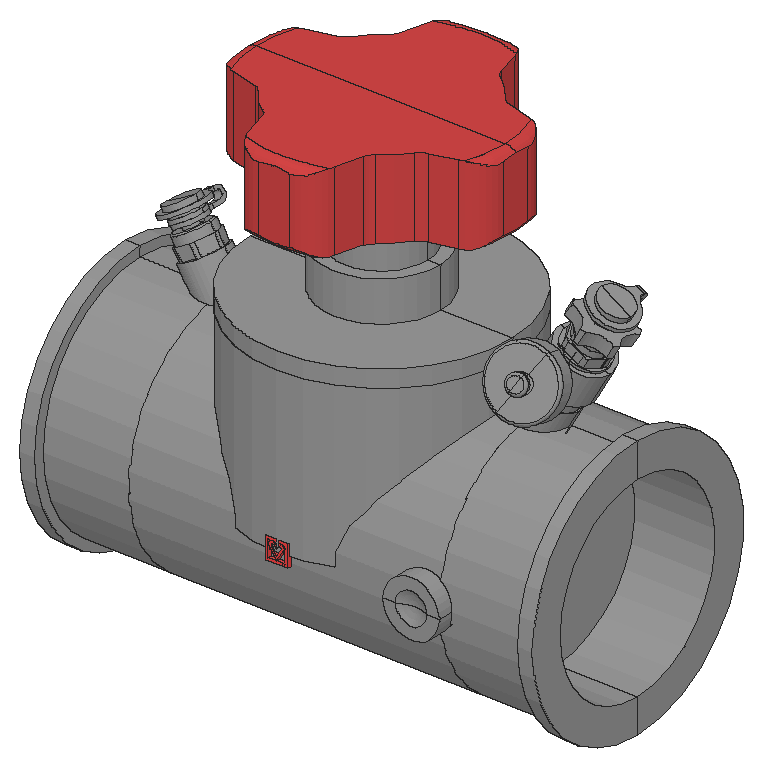
Revit family "HERZ Strömax клапан балансировочный с измерительными клапанами 4217 GML", category Rohrzubehör, Revit 2020
Family settings
  Bemaßung runder Anschluss = Durchmesser verwenden
  Teiletyp = Unterbricht
  OmniClass-Nummer = 23.65.55.14
  OmniClass-Titel = Valves for Liquid Services
  Arbeitsebenenbasiert = Nein
  Immer vertikal = Ja
  Beim Laden mit Abzugskörper schneiden = Nein
  Gemeinsam genutzt = Nein
Parameters
  Среда = "Качество теплоносителя в соответствии с ÖNORM H5195 и VDI 2035.\r\nДопускается использование этилен- и пропиленгликоля в соотношении 25-50% с водой."
  Положение клапана при монтаже = "Неподнимающийся шпиндель, расположенный перпендикулярно оси клапана, обеспечивает доступность и лёгкость в обслуживании в любом монтажном положении."
  Область применения = "Балансировочные клапаны применяются для гидравлической балансировки систем отопления и охлаждения, регулировки магистральных трубопроводов, стояков, теплообменников, регистров отопления и охлаждения."
  Номер заказа [instance] = size_lookup("4217_GML_", "Artnr", 0, Nennweite)  # 1421718
  Макс. рабочее давление = 1600000.0 Pa  # constant formula
  Макс. рабочая температура (с DN40) = 110 °C  # constant formula
  Макс. рабочая температура (до DN32) = 130 °C  # constant formula
  Корпус = "латунь, устойчивая к селективной цинковой коррозии"  # constant formula
  Исполнение = "STRÖMAX-GML Балансировочный клапан с измерительными клапанами и подключением импульсной трубки, 1/2′′ – 3′′.\r\nИсполнение с прямым невыдвижным шпинделем, муфта х муфта, латунный корпус без покрытия, уплотнение шпинделя двойным кольцевым уплотнением O-Ring, преднастройка посредством ограничения хода внутреннего шпинделя, цифровые показания степени настройки отображаются в окне маховика.\r\nОдин измерительный клапан расположен перед седлом балансировочного клапана, другой измерительный клапан с возможностью подключения импульсной трубки - после седла."
  Измерение перепада давления = "Клапаны STRÖMAX-GML оснащен двумя измерительными клапанами:\r\nс помощью измерительного прибора можно измерить перепад давления и по нему определить текущий расход в зависимости от степени преднастройки.\r\nHERZ Измерительный компьютер (1 8900 05) позволяет напрямую считывать расход (см. руководство к измерительным приборам)."
  kvs-значения [instance] = if(Nennweite = 15.00 mm, 6.05, if(Nennweite = 20.00 mm, 6.11, if(Nennweite = 25.00 mm, 9.22, if(Nennweite = 32.00 mm, 18.83, if(Nennweite = 40.00 mm, 23.29, if(Nennweite = 50.00 mm, 35.26, if(Nennweite = 65.00 mm, 52.11, if(Nennweite = 80.00 mm, 76.1, 0))))))))  # 76.1
  W02 = 60.00°  # constant formula
  W01 = 30.00°  # constant formula
  Vorgabe-Ansicht = 0.00 mm
  URL = "www.herz-armaturen.ru"
  SC_NennweiteBerechnet = 0
  SC_Dimension = ""
  SCRNSEQ = "ARM;ARM_TYP=\"STRV\";2"
  SCRNCODE = "05;07;02"  # constant formula
  S02 = 60.00 mm  # constant formula
  S01 [instance] = H00 + H01  # 119.31 mm
  R01 [instance] = size_lookup("4217_GML_", "R1", 1.00 mm, Nennweite)  # 53.00 mm
  Nennweite [instance] = 80.00 mm
  ML02 [instance] = size_lookup("4217_GML_", "ML2", 1.00 mm, Nennweite)  # 70.50 mm
  ML01 [instance] = size_lookup("4217_GML_", "ML1", 1.00 mm, Nennweite)  # 37.35 mm
  MD01 = 9.50 mm  # constant formula
  L02 [instance] = size_lookup("4217_GML_", "L2", 1.00 mm, Nennweite)  # 6.00 mm
  L01 [instance] = size_lookup("4217_GML_", "L1", 1.00 mm, Nennweite)  # 41.30 mm
  L00 [instance] = size_lookup("4217_GML_", "L", 1.00 mm, Nennweite)  # 210.00 mm
  IG [instance] = Nennweite / 2  # 40.00 mm
  Hersteller = "HERZ Armaturen Ges.m.b.H."  # constant formula
  H04 [instance] = size_lookup("4217_GML_", "H4", 1.00 mm, Nennweite)  # 19.00 mm
  H03 = 10.00 mm  # constant formula
  H02 [instance] = size_lookup("4217_GML_", "H2", 1.00 mm, Nennweite)  # 7.00 mm
  H01 [instance] = size_lookup("4217_GML_", "H1", 1.00 mm, Nennweite)  # 52.60 mm
  H00 [instance] = size_lookup("4217_GML_", "H", 1.00 mm, Nennweite)  # 66.71 mm
  Вес [instance] = if(Nennweite = 15.00 mm, "0.97 kg", if(Nennweite = 20.00 mm, "1.00 kg", if(Nennweite = 25.00 mm, "1.45 kg", if(Nennweite = 32.00 mm, "1.98 kg", if(Nennweite = 40.00 mm, "2.34 kg", if(Nennweite = 50.00 mm, "3.85 kg", if(Nennweite = 65.00 mm, "5.35 kg", if(Nennweite = 80.00 mm, "7.20 kg", "0 kg"))))))))  # "7.20 kg"
  GT [instance] = size_lookup("4217_GML_", "GT", 1.00 mm, Nennweite)  # 33.30 mm
  DN80 [instance] = Nennweite = 80.00 mm  # yes
  DN65 [instance] = Nennweite = 65.00 mm  # no
  DN50_DN80 [instance] = or(Nennweite = 50.00 mm, Nennweite = 65.00 mm, Nennweite = 80.00 mm)  # yes
  DN50-DN80 [instance] = H00 + H01  # 119.31 mm
  DN50 [instance] = Nennweite = 50.00 mm  # no
  DN40 [instance] = Nennweite = 40.00 mm  # no
  DN32 [instance] = Nennweite = 32.00 mm  # no
  DN25 [instance] = Nennweite = 25.00 mm  # no
  DN20 [instance] = Nennweite = 20.00 mm  # no
  DN15_DN40 [instance] = or(Nennweite = 15.00 mm, Nennweite = 20.00 mm, Nennweite = 25.00 mm, Nennweite = 32.00 mm, Nennweite = 40.00 mm)  # no
  DN15-DN40 [instance] = H00 + H01  # 119.31 mm
  DN15 [instance] = Nennweite = 15.00 mm  # no
  D06 [instance] = size_lookup("4217_GML_", "D6", 1.00 mm, Nennweite)  # 24.30 mm
  D05 [instance] = size_lookup("4217_GML_", "D5", 1.00 mm, Nennweite)  # 19.00 mm
  D04 = 9.00 mm  # constant formula
  D03 [instance] = size_lookup("4217_GML_", "D3", 1.00 mm, Nennweite)  # 53.80 mm
  D02 [instance] = size_lookup("4217_GML_", "D2", 1.00 mm, Nennweite)  # 54.00 mm
  D01 [instance] = size_lookup("4217_GML_", "D1", 1.00 mm, Nennweite)  # 50.00 mm
Reference planes
  plane 1 "Mitte (Vorne/hinten)": y = 0
  plane 2: z = 0
  plane 3 "Mitte (Links/rechts)": x = 0
Forms (mm)
  Revolve 1, solid, material "Messing, weicher Gelbton, geschweißt", detail levels fine
    sketch origin (0, 0, 0) x (1, 0, 0) y (0, 0, 1)
      loop
        line (-105, 54) -> (-105, 40) -> (-71.7, 40) -> (-71.7, 0) -> (71.7, 0) -> (71.7, 40) -> (105, 40) -> (105, 54) -> (99, 54) -> (99, 50) -> (63.7, 50)
        arc (63.7, 50) -> (0, 53) -> (-63.7, 50) r 677.782
        line (-63.7, 50) -> (-99, 50) -> (-99, 54) -> (-105, 54)
      axis (-105, 0) -> (105, 0)
    angle from 0 to 360
  Revolve 2, solid, material "Messing, weicher Gelbton, geschweißt", detail levels fine
    sketch origin (0, 0, 0) x (1, 0, 0) y (0, 0, 1)
      loop
        line (37.35, 0) -> (72.6, 61.055) -> (64.373, 65.805) -> (29.123, 4.75) -> (37.35, 0)
      axis (37.35, 0) -> (72.6, 61.055)
    angle from 0 to 360
  Revolve 3, solid, material "Messing, weicher Gelbton, geschweißt", detail levels fine
    sketch origin (0, 0, 0) x (1, 0, 0) y (0, 0, 1)
      loop
        line (0, 0) -> (0, 66.71) -> (-53.8, 66.71) -> (-53.8, 0) -> (0, 0)
      axis (0, 66.71) -> (0, 0)
    angle from 0 to 360
  Revolve 4, solid, material "Messing, weicher Gelbton, geschweißt", detail levels fine
    sketch origin (0, 0, 0) x (-1, 0, 0) y (0, 0, 1)
      loop
        line (37.35, 0) -> (72.6, 61.055) -> (64.373, 65.805) -> (29.123, 4.75) -> (37.35, 0)
      axis (37.35, 0) -> (72.6, 61.055)
    angle from 0 to 360
  Revolve 5, solid, material "Messing, weicher Gelbton, geschweißt", visible <- "DN65", detail levels fine
    sketch origin (0, 0, 0) x (1, 0, 0) y (0, 1, 0)
      loop
        line (60, 47.945) -> (60, -47.945)
        arc (60, -47.945) -> (63.368, -48.598) -> (66.5, -50) r 15
        line (66.5, -50) -> (71.5, -50) -> (71.5, 50) -> (66.5, 50)
        arc (66.5, 50) -> (63.368, 48.598) -> (60, 47.945) r 15
      axis (60, 50) -> (60, -50)
    angle from 0 to 360
  Revolve 6, solid, material "Messing, weicher Gelbton, geschweißt", detail levels fine
    sketch origin (0, 0, 0) x (1, 0, 0) y (0, 0, 1)
      loop
        line (0, 66.71) -> (0, 119.31) -> (-9, 119.31) -> (-9, 109.31) -> (-19, 109.31) -> (-19, 90.31) -> (-24.3, 90.31) -> (-24.3, 73.71) -> (-53.8, 73.71) -> (-53.8, 66.71) -> (0, 66.71)
      axis (0, 119.31) -> (0, 66.71)
    angle from 0 to 360
  Revolve 7, solid, material "Messing, weicher Gelbton, geschweißt", visible <- "DN80", detail levels fine
    sketch origin (0, 0, 0) x (1, 0, 0) y (0, 1, 0)
      loop
        line (57, 53.945) -> (57, -53.945)
        arc (57, -53.945) -> (60.368, -54.598) -> (63.5, -56) r 15
        line (63.5, -56) -> (68.5, -56) -> (68.5, 56) -> (63.5, 56)
        arc (63.5, 56) -> (60.368, 54.598) -> (57, 53.945) r 15
      axis (57, 56) -> (57, -56)
    angle from 0 to 360
Lines and regions (mm)
  model lines, detail levels coarse+medium
    curve 1: line (-105, 0, 54) -> (-105, 0, -54)
    curve 2: line (-105, 0, -54) -> (105, 0, 54)
    curve 3: line (105, 0, 54) -> (105, 0, -54)
    curve 4: line (105, 0, -54) -> (-105, 0, 54)
    curve 5: line (0, 0, 0) -> (68.884, 0, 119.31)
    curve 6: line (42.903, 0, 134.31) -> (94.864, 0, 104.31)
    curve 7: line (-105, 54, 0) -> (-105, -54, 0)
    curve 8: line (-105, -54, 0) -> (105, 54, 0)
    curve 9: line (105, 54, 0) -> (105, -54, 0)
    curve 10: line (105, -54, 0) -> (-105, 54, 0)
    curve 11: line (0, 0, 0) -> (68.884, 119.31, 0)
    curve 12: line (42.903, 134.31, 0) -> (94.864, 104.31, 0)
Dimensions and locks
  "IG": Revolve 1 sketch curve to plane 2
  "GT": Revolve 1 sketch curve to Revolve 1 sketch curve  (x2)
  "IG": Revolve 1 sketch curve to Revolve 1 sketch curve
  "D01": Revolve 1 sketch curve to Revolve 1 sketch curve  (x2)
  "R01": Revolve 1 sketch curve to Revolve 1 sketch curve
  "L02": Revolve 1 sketch curve to Revolve 1 sketch curve  (x2)
  "L01": Revolve 1 sketch curve to Revolve 1 sketch curve  (x2)
  "D02": Revolve 1 sketch curve to plane 2  (x2)
  equal spacing: Revolve 1 sketch curve, plane 3 "Mitte (Links/rechts)", Revolve 1 sketch curve
  "L00": Revolve 1 sketch curve to Revolve 1 sketch curve
  "R01": nested 1 to plane 1 "Mitte (Vorne/hinten)"
  "ML01": Revolve 2 sketch curve to plane 3 "Mitte (Links/rechts)"
  "H00": Revolve 3 sketch curve to plane 2
  "D03": Revolve 3 sketch curve to Revolve 3 sketch curve
  "ML02": Revolve 2 sketch curve to Revolve 2 sketch curve
  "MD01": Revolve 2 sketch curve to Revolve 2 sketch curve  (x2)
  "ML02": Revolve 4 sketch curve to Revolve 4 sketch curve
  "MD01": Revolve 4 sketch curve to Revolve 4 sketch curve  (x2)
  "ML01": plane 3 "Mitte (Links/rechts)" to Revolve 4 sketch curve
  Revolve 5 sketch curve to Revolve 1 = 45.00 mm
  Revolve 5 sketch curve to Revolve 5 sketch curve = 11.50 mm  (x2)
  Revolve 5 sketch curve to plane 1 "Mitte (Vorne/hinten)" to Revolve 5 sketch curve = 50.00 mm, 50.00 mm
  "H00": Revolve 6 sketch curve to plane 2
  "H01": Revolve 6 sketch curve to Revolve 6 sketch curve
  "D04": Revolve 6 sketch curve to Revolve 6 sketch curve
  "D03": Revolve 6 sketch curve to Revolve 6 sketch curve
  "D05": Revolve 6 sketch curve to Revolve 6 sketch curve
  "D06": Revolve 6 sketch curve to Revolve 6 sketch curve
  "H02": Revolve 6 sketch curve to Revolve 6 sketch curve
  "H03": Revolve 6 sketch curve to Revolve 6 sketch curve
  "H04": Revolve 6 sketch curve to Revolve 6 sketch curve
  Revolve 7 sketch curve to Revolve 1 = 48.00 mm
  Revolve 7 sketch curve to Revolve 7 sketch curve = 11.50 mm  (x2)
  Revolve 7 sketch curve to plane 1 "Mitte (Vorne/hinten)" to Revolve 7 sketch curve = 56.00 mm, 56.00 mm
  "DN15-DN40": nested 2 to plane 2
  "DN50-DN80": nested 3 to plane 2
  "D02": curve 4 to plane 2 to curve 2
  "D02": curve 3 to plane 2 to curve 4
  equal spacing: curve 1, plane 3 "Mitte (Links/rechts)", curve 3
  "L00": curve 1 to curve 3
  equal spacing: Revolve 1, curve 5, Revolve 1
  "S01": curve 5 to plane 2
  equal spacing: curve 6, curve 5, curve 6
  "S02": curve 6 to curve 6
  "D02": curve 8 to plane 1 "Mitte (Vorne/hinten)" to curve 10
  "D02": curve 10 to plane 1 "Mitte (Vorne/hinten)" to curve 9
  equal spacing: curve 7, plane 3 "Mitte (Links/rechts)", curve 9
  "L00": curve 7 to curve 9
  equal spacing: curve 7, curve 11, curve 9
  "S01": plane 1 "Mitte (Vorne/hinten)" to curve 11
  equal spacing: curve 12, curve 11, curve 12
  "S02": curve 12 to curve 12
  radius of Revolve 5 sketch curve = 15.00 mm  (x2)
  radius of Revolve 7 sketch curve = 15.00 mm  (x2)
  "W01": angle Revolve 2 sketch curve to plane 3 "Mitte (Links/rechts)"  (x2)
  "W01": angle plane 3 "Mitte (Links/rechts)" to Revolve 4 sketch curve  (x2)
  "W02": angle plane 2 to curve 5
  "W02": angle plane 1 "Mitte (Vorne/hinten)" to curve 11
  aligned and locked: level to plane 2
Automatic sketch dimensions
  Revolve 5 sketch curve to Revolve 5 sketch curve = 1.153 mm  (x2)
  Revolve 5 sketch curve to Revolve 5 sketch curve = 5.00 mm  (x2)
  Revolve 5 sketch curve to Revolve 5 sketch curve = 2.854 mm  (x2)
  Revolve 7 sketch curve to Revolve 7 sketch curve = 1.153 mm  (x2)
  Revolve 7 sketch curve to Revolve 7 sketch curve = 5.00 mm  (x2)
  Revolve 7 sketch curve to Revolve 7 sketch curve = 8.854 mm  (x2)
  Revolve 1 sketch curve to level = 0.00 mm  (x2)
  Revolve 1 sketch curve to Revolve 1 sketch curve = 1429.986 mm
  Revolve 1 sketch curve to Revolve 1 sketch curve = 1762.604 mm
  Revolve 2 sketch curve to level = 0.00 mm  (x2)
  Revolve 3 sketch curve to level = 0.00 mm
  Revolve 3 sketch curve to plane 3 "Mitte (Links/rechts)" = 0.00 mm  (x2)
  Revolve 3 sketch curve to Revolve 3 sketch curve = 366.045 mm
  Revolve 3 sketch curve to Revolve 3 sketch curve = 2179.415 mm
  Revolve 4 sketch curve to level = 0.00 mm  (x2)
  Revolve 6 sketch curve to plane 3 "Mitte (Links/rechts)" = 0.00 mm  (x2)
  Revolve 6 sketch curve to level = 366.045 mm
  Revolve 6 sketch curve to Revolve 6 sketch curve = 2146.115 mm
Nested families
  nested 1: "Herz-Logo-vorne" at (0, -53, 0) x (0, 1, 0) z (0, 0, 1), type "Herz-Logo-vorne", detail levels fine
  nested 2: "Strangregulierventil-Handrad-Gerade (Rot) DN15-DN40" at (0, 0, 119.31), visible <- "DN15_DN40", type "Strangregulierventil-Handrad-Gerade (Rot) DN15-DN40", detail levels fine
    with Nennweite 0.00 mm, Gewicht 0.00 kg, Bestellnummer 0
  nested 3: "Strangregulierventil-Handrad-Gerade (Rot) DN50-DN80" at (0, 0, 119.31), visible <- "DN50_DN80", type "Strangregulierventil-Handrad-Gerade (Rot) DN50-DN80", detail levels fine
    with Nennweite 0.00 mm, Gewicht 0.00 kg, Bestellnummer 0
  nested 4: "Messstutzen_Band-KFE_Austritt_30Grad_(oben)" at (61.39, 0, 59.409), visible <- "DN50", type "Messstutzen_Band-KFE_Austritt_30Grad_(oben)", detail levels fine
    with Schutzkappe yes, Nennweite 0.00 mm, Gewicht 0.00 kg, Bestellnummer 0
  nested 5: "Messstutzen_Band_Eintritt_30Grad_(oben)" at (-47.24, 0, 34.901) x (-1, 0, 0) z (0, 0, 1), visible <- "DN50", type "Messstutzen_Band_Eintritt_30Grad_(oben)", detail levels fine
    with Schutzkappe yes, Nennweite 0.00 mm, Gewicht 0.00 kg, Bestellnummer 0
  nested 6: "Messstutzen_Band-KFE_Austritt_30Grad_(oben)" at (41.17, 0, 35.507), visible <- "DN15", type "Messstutzen_Band-KFE_Austritt_30Grad_(oben)", detail levels fine
    with Schutzkappe yes, Nennweite 0.00 mm, Gewicht 0.00 kg, Bestellnummer 0
  nested 7: "Messstutzen_Band_Eintritt_30Grad_(oben)" at (-27.02, 0, 10.999) x (-1, 0, 0) z (0, 0, 1), visible <- "DN15", type "Messstutzen_Band_Eintritt_30Grad_(oben)", detail levels fine
    with Schutzkappe yes, Nennweite 0.00 mm, Gewicht 0.00 kg, Bestellnummer 0
  nested 8: "Messstutzen_Band_Eintritt_30Grad_(oben)" at (-24.855, 0, 13.553) x (-1, 0, 0) z (0, 0, 1), visible <- "DN20", type "Messstutzen_Band_Eintritt_30Grad_(oben)", detail levels fine
    with Schutzkappe yes, Nennweite 0.00 mm, Gewicht 0.00 kg, Bestellnummer 0
  nested 9: "Messstutzen_Band-KFE_Austritt_30Grad_(oben)" at (39.005, 0, 38.062), visible <- "DN20", type "Messstutzen_Band-KFE_Austritt_30Grad_(oben)", detail levels fine
    with Schutzkappe yes, Nennweite 0.00 mm, Gewicht 0.00 kg, Bestellnummer 0
  nested 10: "Messstutzen_Band_Eintritt_30Grad_(oben)" at (-29.265, 0, 17.883) x (-1, 0, 0) z (0, 0, 1), visible <- "DN25", type "Messstutzen_Band_Eintritt_30Grad_(oben)", detail levels fine
    with Schutzkappe yes, Nennweite 0.00 mm, Gewicht 0.00 kg, Bestellnummer 0
  nested 11: "Messstutzen_Band-KFE_Austritt_30Grad_(oben)" at (43.415, 0, 42.392), visible <- "DN25", type "Messstutzen_Band-KFE_Austritt_30Grad_(oben)", detail levels fine
    with Schutzkappe yes, Nennweite 0.00 mm, Gewicht 0.00 kg, Bestellnummer 0
  nested 12: "Messstutzen_Band_Eintritt_30Grad_(oben)" at (-37.74, 0, 24.595) x (-1, 0, 0) z (0, 0, 1), visible <- "DN32", type "Messstutzen_Band_Eintritt_30Grad_(oben)", detail levels fine
    with Schutzkappe yes, Nennweite 0.00 mm, Gewicht 0.00 kg, Bestellnummer 0
  nested 13: "Messstutzen_Band-KFE_Austritt_30Grad_(oben)" at (51.89, 0, 49.104), visible <- "DN32", type "Messstutzen_Band-KFE_Austritt_30Grad_(oben)", detail levels fine
    with Schutzkappe yes, Nennweite 0.00 mm, Gewicht 0.00 kg, Bestellnummer 0
  nested 14: "Messstutzen_Band_Eintritt_30Grad_(oben)" at (-42.8, 0, 28.665) x (-1, 0, 0) z (0, 0, 1), visible <- "DN40", type "Messstutzen_Band_Eintritt_30Grad_(oben)", detail levels fine
    with Schutzkappe yes, Nennweite 0.00 mm, Gewicht 0.00 kg, Bestellnummer 0
  nested 15: "Messstutzen_Band-KFE_Austritt_30Grad_(oben)" at (56.95, 0, 53.174), visible <- "DN40", type "Messstutzen_Band-KFE_Austritt_30Grad_(oben)", detail levels fine
    with Schutzkappe yes, Nennweite 0.00 mm, Gewicht 0.00 kg, Bestellnummer 0
  nested 16: "Messstutzen_Band_Eintritt_30Grad_(oben)" at (-54.5, 0, 38.105) x (-1, 0, 0) z (0, 0, 1), visible <- "DN65", type "Messstutzen_Band_Eintritt_30Grad_(oben)", detail levels fine
    with Schutzkappe yes, Nennweite 0.00 mm, Gewicht 0.00 kg, Bestellnummer 0
  nested 17: "Messstutzen_Band-KFE_Austritt_30Grad_(oben)" at (68.65, 0, 62.614), visible <- "DN65", type "Messstutzen_Band-KFE_Austritt_30Grad_(oben)", detail levels fine
    with Schutzkappe yes, Nennweite 0.00 mm, Gewicht 0.00 kg, Bestellnummer 0
  nested 18: "Messstutzen_Band_Eintritt_30Grad_(oben)" at (-63.85, 0, 45.899) x (-1, 0, 0) z (0, 0, 1), visible <- "DN80", type "Messstutzen_Band_Eintritt_30Grad_(oben)", detail levels fine
    with Schutzkappe yes, Nennweite 0.00 mm, Gewicht 0.00 kg, Bestellnummer 0
  nested 19: "Messstutzen_Band-KFE_Austritt_30Grad_(oben)" at (78, 0, 70.408), visible <- "DN80", type "Messstutzen_Band-KFE_Austritt_30Grad_(oben)", detail levels fine
    with Schutzkappe yes, Nennweite 0.00 mm, Gewicht 0.00 kg, Bestellnummer 0
Connectors
  piping at (-71.7, 0, 0), diameter 80, driven by "Nennweite"
    settings: on Revolve 1, index 1, connector inside diameter 609.6 mm, connector length 0.00 mm, flow factor 0, pipe flow 0.0 L/s, pressure drop 0.0 Pa, fitting loss kfactor 0, connector angle 0.00°, fixture units 0, engagement length 0.00 mm, angle of deflection 0.00°, flow configuration 0, flow direction 1, fitting loss method 0, system type 29, joint type 0, gender type 0, connector reference index -1, connector utility 0, adjustable connector no, is connector primary yes, connector description ""
  piping at (71.7, 0, 0), diameter 80, driven by "Nennweite"
    settings: on Revolve 1, index 2, connector inside diameter 609.6 mm, connector length 0.00 mm, flow factor 0, pipe flow 0.0 L/s, pressure drop 0.0 Pa, fitting loss kfactor 0, connector angle 0.00°, fixture units 0, engagement length 0.00 mm, angle of deflection 0.00°, flow configuration 0, flow direction 2, fitting loss method 0, system type 29, joint type 0, gender type 0, connector reference index -1, connector utility 0, adjustable connector no, is connector primary no, connector description ""
Definition of nested family "Herz-Logo-vorne"
  Parameters (values of type "Herz-Logo-vorne")
    Default Elevation = 0.00 mm
  Reference planes
    plane 1 "Mitte (Vorne/hinten)": y = 0
    plane 2: z = 0
    plane 3 "Mitte (Links/rechts)": x = 0
  Forms (mm)
    Extrusion 1, solid
      sketch origin (0.732, -0.018, 0.017) x (0, -1, 0) y (0, 0, 1)
        loop
          line (-0.018, -4.517) -> (4.482, -4.517) -> (4.482, 4.483) -> (-4.518, 4.483) -> (-4.518, -4.517) -> (-0.018, -4.517)
        loop
          line (-0.05, -3.48) -> (3.482, -3.48) -> (3.482, 3.483) -> (-3.518, 3.483) -> (-3.518, -3.48) -> (-0.05, -3.48)
        loop
          arc (-0.018, 2.383) -> (-1.543, 3.287) -> (-3.067, 2.383) r 1.738
          arc (-3.067, 2.383) -> (-3.191, 1.899) -> (-3.067, 1.415) r 1.009
          line (-3.067, 1.415) -> (-0.018, -3.281) -> (3.032, 1.415)
          arc (3.032, 1.415) -> (3.156, 1.899) -> (3.032, 2.383) r 1.009
          arc (3.032, 2.383) -> (1.507, 3.287) -> (-0.018, 2.383) r 1.738
        loop
          arc (1.885, 1.272) -> (2.005, 1.675) -> (1.885, 2.079) r 0.74
          arc (1.885, 2.079) -> (1.265, 2.416) -> (0.644, 2.079) r 0.74
          line (0.644, 2.079) -> (-0.018, 0.97) -> (-0.679, 2.079)
          arc (-0.679, 2.079) -> (-1.3, 2.416) -> (-1.921, 2.079) r 0.74
          arc (-1.921, 2.079) -> (-2.04, 1.675) -> (-1.921, 1.272) r 0.74
          line (-1.921, 1.272) -> (-0.018, -1.658) -> (1.885, 1.272)
      from 0 to 1.5
  Dimensions and locks
    aligned and locked: level to plane 2
Definition of nested family "Strangregulierventil-Handrad-Gerade (Rot) DN15-DN40"
  Parameters (values of type "Strangregulierventil-Handrad-Gerade (Rot) DN15-DN40")
    Default Elevation = 0.00 mm
    URL = "www.herz-armaturen.at"
    Nennweite [instance] = 0.00 mm
    Manufacturer = "Herz Armaturen GmbH"  # constant formula
    Gewicht [instance] = 0.00 kg
    Bestellnummer [instance] = 0
  Reference planes
    plane 1 "Mitte (Vorne/hinten)": y = 0
    plane 2: z = 0
    plane 3 "Mitte (Links/rechts)": x = 0
  Forms (mm)
    Revolve 1, solid, detail levels fine
      sketch origin (0, 0, 0) x (1, 0, 0) y (0, 0, 1)
        loop
          line (0, 0) -> (0, 24.95) -> (-30.992, 24.95)
          arc (-30.992, 24.95) -> (-34.37, 23.636) -> (-35.973, 20.386) r 5
          line (-35.973, 20.386) -> (-37, 8.65) -> (-35.986, -2.936)
          arc (-35.986, -2.936) -> (-34.383, -6.186) -> (-31.005, -7.5) r 5
          line (-31.005, -7.5) -> (-15, -7.5) -> (-15, 0) -> (0, 0)
        axis (0, 24.95) -> (0, -7.5)
      angle from 0 to 360
    Extrusion 2, void
      sketch origin (0, 0, 20.3) x (1, 0, 0) y (0, 1, 0)
        loop
          line (3.861, 35.5) -> (-3.861, 35.5)
          arc (-3.861, 35.5) -> (-8.731, 33.847) -> (-11.589, 29.571) r 8
          line (-11.589, 29.571) -> (-13.284, 23.245)
          arc (-13.284, 23.245) -> (-13.982, 21.722) -> (-15.144, 20.516) r 5
          arc (-15.144, 20.516) -> (-18.031, 18.031) -> (-20.516, 15.144) r 25.5
          arc (-20.516, 15.144) -> (-21.722, 13.982) -> (-23.245, 13.284) r 5
          line (-23.245, 13.284) -> (-29.571, 11.589)
          arc (-29.571, 11.589) -> (-33.847, 8.731) -> (-35.5, 3.861) r 8
          line (-35.5, 3.861) -> (-35.5, -3.861)
          arc (-35.5, -3.861) -> (-33.847, -8.731) -> (-29.571, -11.589) r 8
          line (-29.571, -11.589) -> (-23.245, -13.284)
          arc (-23.245, -13.284) -> (-21.722, -13.982) -> (-20.516, -15.144) r 5
          arc (-20.516, -15.144) -> (-18.031, -18.031) -> (-15.144, -20.516) r 25.5
          arc (-15.144, -20.516) -> (-13.982, -21.722) -> (-13.284, -23.245) r 5
          line (-13.284, -23.245) -> (-11.589, -29.571)
          arc (-11.589, -29.571) -> (-8.731, -33.847) -> (-3.861, -35.5) r 8
          line (-3.861, -35.5) -> (3.861, -35.5)
          arc (3.861, -35.5) -> (8.731, -33.847) -> (11.589, -29.571) r 8
          line (11.589, -29.571) -> (13.284, -23.245)
          arc (13.284, -23.245) -> (13.982, -21.722) -> (15.144, -20.516) r 5
          arc (15.144, -20.516) -> (18.031, -18.031) -> (20.516, -15.144) r 25.5
          arc (20.516, -15.144) -> (21.722, -13.982) -> (23.245, -13.284) r 5
          line (23.245, -13.284) -> (29.571, -11.589)
          arc (29.571, -11.589) -> (33.847, -8.731) -> (35.5, -3.861) r 8
          line (35.5, -3.861) -> (35.5, 3.861)
          arc (35.5, 3.861) -> (33.847, 8.731) -> (29.571, 11.589) r 8
          line (29.571, 11.589) -> (23.245, 13.284)
          arc (23.245, 13.284) -> (21.722, 13.982) -> (20.516, 15.144) r 5
          arc (20.516, 15.144) -> (18.031, 18.031) -> (15.144, 20.516) r 25.5
          arc (15.144, 20.516) -> (13.982, 21.722) -> (13.284, 23.245) r 5
          line (13.284, 23.245) -> (11.589, 29.571)
          arc (11.589, 29.571) -> (8.731, 33.847) -> (3.861, 35.5) r 8
        loop
          circle (0, 0) r 38
      from -31.266 to 7.923
  Cuts and joins
    Extrusion 2 cuts Revolve 1
  Dimensions and locks
    Revolve 1 sketch curve to Revolve 1 sketch curve = 15.00 mm
    Revolve 1 sketch curve to Revolve 1 sketch curve = 16.15 mm
    Revolve 1 sketch curve to Revolve 1 sketch curve = 16.30 mm
    angle Revolve 1 sketch curve to Revolve 1 sketch curve = 95.00°
    aligned and locked: level to plane 2
Definition of nested family "Strangregulierventil-Handrad-Gerade (Rot) DN50-DN80"
  Parameters (values of type "Strangregulierventil-Handrad-Gerade (Rot) DN50-DN80")
    Default Elevation = 0.00 mm
    URL = "www.herz-armaturen.at"
    Nennweite [instance] = 0.00 mm
    Manufacturer = "Herz Armaturen GmbH"  # constant formula
    Gewicht [instance] = 0.00 kg
    Bestellnummer [instance] = 0
  Reference planes
    plane 1 "Mitte (Vorne/hinten)": y = 0
    plane 2: z = 0
    plane 3 "Mitte (Links/rechts)": x = 0
  Forms (mm)
    Revolve 1, solid, detail levels fine
      sketch origin (0, 0, 0) x (1, 0, 0) y (0, 0, 1)
        loop
          line (0, 0) -> (0, 24.95) -> (-50.992, 24.95)
          arc (-50.992, 24.95) -> (-54.37, 23.636) -> (-55.973, 20.386) r 5
          line (-55.973, 20.386) -> (-57, 8.65) -> (-55.986, -2.936)
          arc (-55.986, -2.936) -> (-54.383, -6.186) -> (-51.005, -7.5) r 5
          line (-51.005, -7.5) -> (-15, -7.5) -> (-15, 0) -> (0, 0)
        axis (0, 24.95) -> (0, -7.5)
      angle from 0 to 360
    Extrusion 2, void
      sketch origin (0, 0, 20.3) x (1, 0, 0) y (0, 1, 0)
        loop
          line (-55, 6.292) -> (-55, -6.292)
          arc (-55, -6.292) -> (-52.52, -13.597) -> (-46.106, -17.883) r 12
          line (-46.106, -17.883) -> (-35.399, -20.752)
          arc (-35.399, -20.752) -> (-33.541, -21.612) -> (-32.08, -23.047) r 6
          arc (-32.08, -23.047) -> (-27.931, -27.931) -> (-23.047, -32.08) r 39.5
          arc (-23.047, -32.08) -> (-21.612, -33.541) -> (-20.752, -35.399) r 6
          line (-20.752, -35.399) -> (-17.883, -46.106)
          arc (-17.883, -46.106) -> (-13.597, -52.52) -> (-6.292, -55) r 12
          line (-6.292, -55) -> (6.292, -55)
          arc (6.292, -55) -> (13.597, -52.52) -> (17.883, -46.106) r 12
          line (17.883, -46.106) -> (20.752, -35.399)
          arc (20.752, -35.399) -> (21.612, -33.541) -> (23.047, -32.08) r 6
          arc (23.047, -32.08) -> (27.931, -27.931) -> (32.08, -23.047) r 39.5
          arc (32.08, -23.047) -> (33.541, -21.612) -> (35.399, -20.752) r 6
          line (35.399, -20.752) -> (46.106, -17.883)
          arc (46.106, -17.883) -> (52.52, -13.597) -> (55, -6.292) r 12
          line (55, -6.292) -> (55, 6.292)
          arc (55, 6.292) -> (52.52, 13.597) -> (46.106, 17.883) r 12
          line (46.106, 17.883) -> (35.399, 20.752)
          arc (35.399, 20.752) -> (33.541, 21.612) -> (32.08, 23.047) r 6
          arc (32.08, 23.047) -> (27.931, 27.931) -> (23.047, 32.08) r 39.5
          arc (23.047, 32.08) -> (21.612, 33.541) -> (20.752, 35.399) r 6
          line (20.752, 35.399) -> (17.883, 46.106)
          arc (17.883, 46.106) -> (13.597, 52.52) -> (6.292, 55) r 12
          line (6.292, 55) -> (-6.292, 55)
          arc (-6.292, 55) -> (-13.597, 52.52) -> (-17.883, 46.106) r 12
          line (-17.883, 46.106) -> (-20.752, 35.399)
          arc (-20.752, 35.399) -> (-21.612, 33.541) -> (-23.047, 32.08) r 6
          arc (-23.047, 32.08) -> (-27.931, 27.931) -> (-32.08, 23.047) r 39.5
          arc (-32.08, 23.047) -> (-33.541, 21.612) -> (-35.399, 20.752) r 6
          line (-35.399, 20.752) -> (-46.106, 17.883)
          arc (-46.106, 17.883) -> (-52.52, 13.597) -> (-55, 6.292) r 12
        loop
          circle (0, 0) r 60
      from -31.161 to 7.489
  Cuts and joins
    Extrusion 2 cuts Revolve 1
  Dimensions and locks
    Revolve 1 sketch curve to Revolve 1 sketch curve = 15.00 mm
    Revolve 1 sketch curve to Revolve 1 sketch curve = 16.15 mm
    Revolve 1 sketch curve to Revolve 1 sketch curve = 16.30 mm
    Revolve 1 sketch curve to Revolve 1 sketch curve = 57.00 mm
    angle Revolve 1 sketch curve to Revolve 1 sketch curve = 95.00°
    aligned and locked: level to plane 2
Definition of nested family "Messstutzen_Band-KFE_Austritt_30Grad_(oben)"
  Parameters (values of type "Messstutzen_Band-KFE_Austritt_30Grad_(oben)")
    Default Elevation = 0.00 mm
    URL = "www.herz-armaturen.at"
    Schutzkappe [instance] = yes
    Nennweite [instance] = 0.00 mm
    Manufacturer = "Herz Armaturen GmbH"  # constant formula
    Gewicht [instance] = 0.00 kg
    Bestellnummer [instance] = 0
  Reference planes
    plane 1 "Mitte (Vorne/hinten)": y = 0
    plane 2: z = 0
    plane 3 "Mitte (Links/rechts)": x = 0
  Forms (mm)
    Revolve 1, solid, detail levels fine
      sketch origin (0, 0, 0) x (0.866025, 0, -0.5) y (0.5, 0, 0.866025)
        loop
          line (-7.4, 9) -> (-5.55, 9) -> (-5.55, 6)
          arc (-5.55, 6) -> (-5.626, 5.617) -> (-5.843, 5.293) r 1
          line (-5.843, 5.293) -> (-6.455, 4.681) -> (-6.455, 0.9) -> (-5.555, 0) -> (-2, 0) -> (-2, 23) -> (-2, 35.8) -> (-3.805, 35.8) -> (-4.415, 35.19) -> (-4.415, 30.863) -> (-3.7, 30.45) -> (-3.7, 27) -> (-7.4, 27) -> (-7.4, 9)
        axis (0, 0) -> (0, 35.8)
      angle from 0 to 360
    Extrusion 2, solid, detail levels fine
      sketch origin (8.75, 0, 15.155) x (0, 1, 0) y (-0.866025, 0, 0.5)
        loop
          arc (-7.07, 5.156) -> (-7.578, 4.375) -> (-8, 3.544) r 8.75
          line (-8, 3.544) -> (-8, -3.544)
          arc (-8, -3.544) -> (-7.578, -4.375) -> (-7.07, -5.156) r 8.75
          line (-7.07, -5.156) -> (-0.93, -8.7)
          arc (-0.93, -8.7) -> (0, -8.75) -> (0.93, -8.7) r 8.75
          line (0.93, -8.7) -> (7.07, -5.156)
          arc (7.07, -5.156) -> (7.578, -4.375) -> (8, -3.544) r 8.75
          line (8, -3.544) -> (8, 3.544)
          arc (8, 3.544) -> (7.578, 4.375) -> (7.07, 5.156) r 8.75
          line (7.07, 5.156) -> (0.93, 8.7)
          arc (0.93, 8.7) -> (0, 8.75) -> (-0.93, 8.7) r 8.75
          line (-0.93, 8.7) -> (-7.07, 5.156)
      from -5.51 to -1.21
    Revolve 3, solid, visible <- "Schutzkappe", detail levels fine
      sketch origin (0, 0, 0) x (0.866025, 0, -0.5) y (0.5, 0, 0.866025)
        loop
          line (0, 35.878) -> (0, 36.678) -> (-7, 36.678) -> (-7, 33.378) -> (-6.1, 33.378) -> (-6.1, 31.678) -> (-6.9, 31.678) -> (-6.9, 30.178) -> (-4.415, 30.178) -> (-4.415, 35.268) -> (-3.805, 35.878) -> (0, 35.878)
        axis (0, 30.178) -> (0, 36.678)
      angle from 0 to 360
    Extrusion 4, solid, detail levels fine
      sketch origin (15, 0, 25.981) x (0, 1, 0) y (0.866025, 0, -0.5)
        loop
          circle (0, 0) r 3.7
        loop
          arc (5.505, -3.906) -> (7.288, -2.358) -> (9.582, -1.8) r 5
          line (9.582, -1.8) -> (9.582, 1.8)
          arc (9.582, 1.8) -> (7.288, 2.358) -> (5.505, 3.906) r 5
          arc (5.505, 3.906) -> (-6.75, 0) -> (5.505, -3.906) r 6.75
      from 0 to -1.5
    Extrusion 5, solid, detail levels fine
      sketch origin (16.589, 0, 28.733) x (0, 1, 0) y (0.866025, 0, -0.5)
        loop
          circle (0, 0) r 6.1
        loop
          arc (8.652, -4.495) -> (10.493, -2.527) -> (13.089, -1.8) r 5
          line (13.089, -1.8) -> (13.089, 1.8)
          arc (13.089, 1.8) -> (10.493, 2.527) -> (8.652, 4.495) r 5
          arc (8.652, 4.495) -> (-9.75, 0) -> (8.652, -4.495) r 9.75
      from 0 to -1.5
    Sweep 6, solid, detail levels fine
      path origin (0, 0, 0) x (-0.5, 0, -0.866025) y (0, 1, 0)
        loop
          line (-29.25, 9.582) -> (-29.25, 14.522)
          arc (-29.25, 14.522) -> (-30.839, 16.112) -> (-32.428, 14.522) r 1.589
          line (-32.428, 14.522) -> (-32.428, 13.089)
      profile origin (14.625, 12.052, 25.331) x (0.5, 0, 0.866025) y (0.866025, 0, -0.5)
        loop
          line (-0.75, -1.8) -> (0.75, -1.8) -> (0.75, 1.8) -> (-0.75, 1.8) -> (-0.75, -1.8)
    Extrusion 7, solid, detail levels fine
      sketch origin (-87.639, 0, 50.598) x (0.866025, 0, -0.5) y (0, 1, 0)
        loop
          arc (112.053, 5.113) -> (111.589, 6) -> (111.053, 6.845) r 12
          arc (111.053, 6.845) -> (105.696, 7.794) -> (102.196, 11.958) r 7.971
          arc (102.196, 11.958) -> (101.196, 12) -> (100.196, 11.958) r 12
          arc (100.196, 11.958) -> (96.696, 7.794) -> (91.34, 6.845) r 7.971
          arc (91.34, 6.845) -> (90.804, 6) -> (90.34, 5.113) r 12
          arc (90.34, 5.113) -> (92.196, 0) -> (90.34, -5.113) r 7.971
          arc (90.34, -5.113) -> (90.804, -6) -> (91.34, -6.845) r 12
          arc (91.34, -6.845) -> (96.696, -7.794) -> (100.196, -11.958) r 7.971
          arc (100.196, -11.958) -> (101.196, -12) -> (102.196, -11.958) r 12
          arc (102.196, -11.958) -> (105.696, -7.794) -> (111.053, -6.845) r 7.971
          arc (111.053, -6.845) -> (111.589, -6) -> (112.053, -5.113) r 12
          arc (112.053, -5.113) -> (110.196, 0) -> (112.053, 5.113) r 7.971
      from 22.3 to 28.5
    Revolve 8, solid, detail levels fine
      sketch origin (-47.563, 0, 4.367) x (-0.866025, 0, 0.5) y (0.5, 0, 0.866025)
        loop
          line (-43.374, 0) -> (-37.874, 0) -> (-36.774, 1.1) -> (-36.774, 4.9) -> (-37.874, 6) -> (-37.874, 8.4) -> (-36.424, 8.4) -> (-36.424, 9.2) -> (-34.424, 9.2) -> (-34.424, 15.59) -> (-31.874, 15.59) -> (-31.874, 30.99) -> (-33.874, 30.99) -> (-33.874, 31.99) -> (-43.374, 31.99) -> (-43.374, 0)
        loop
          line (-43.374, 39) -> (-43.374, 36.29) -> (-35.874, 36.29) -> (-35.874, 39) -> (-43.374, 39)
        axis (-43.374, 39) -> (-43.374, 0)
      angle from 0 to 360
    Revolve 9, solid, detail levels fine
      sketch origin (0, 0, 0) x (0, -1, 0) y (0.5, 0, 0.866025)
        loop
          line (0, -1.01) -> (32.627, 14.204) -> (27.556, 25.08) -> (25.934, 25.67) -> (21.602, 23.65) -> (14.873, 11.994) -> (-2.324, 3.975) -> (0, -1.01)
        axis (32.627, 14.204) -> (0, -1.01)
      angle from 0 to 360
    Revolve 10, solid, detail levels fine
      sketch origin (-19.899, -51.188, -34.465) x (-0.453154, -0.422618, -0.784886) y (0.211309, -0.906308, 0.365998)
        loop
          line (-56.786, 8) -> (-45.747, 8) -> (-45.747, 0) -> (-43.834, 0) -> (-42.786, 1.048) -> (-42.786, 8.048)
          arc (-42.786, 8.048) -> (-43.065, 8.721) -> (-43.738, 9) r 0.952
          line (-43.738, 9) -> (-52.974, 9)
          arc (-52.974, 9) -> (-53.548, 9.238) -> (-53.786, 9.812) r 0.812
          line (-53.786, 9.812) -> (-53.786, 12) -> (-52.786, 12) -> (-52.786, 13.03)
          arc (-52.786, 13.03) -> (-53.07, 13.716) -> (-53.756, 14) r 0.97
          line (-53.756, 14) -> (-56.786, 14) -> (-56.786, 8)
        axis (-56.786, 14) -> (-56.786, 0)
      angle from 0 to 360
  Dimensions and locks
    aligned and locked: level to plane 2
Definition of nested family "Messstutzen_Band_Eintritt_30Grad_(oben)"
  Parameters (values of type "Messstutzen_Band_Eintritt_30Grad_(oben)")
    Default Elevation = 0.00 mm
    URL = "www.herz-armaturen.at"
    Schutzkappe [instance] = yes
    Nennweite [instance] = 0.00 mm
    Manufacturer = "Herz Armaturen GmbH"  # constant formula
    Gewicht [instance] = 0.00 kg
    Bestellnummer [instance] = 0
  Reference planes
    plane 1 "Mitte (Vorne/hinten)": y = 0
    plane 2: z = 0
    plane 3 "Mitte (Links/rechts)": x = 0
  Forms (mm)
    Revolve 1, solid, detail levels fine
      sketch origin (0, 0, 0) x (0.866025, 0, -0.5) y (0.5, 0, 0.866025)
        loop
          line (-7.4, 9) -> (-5.55, 9) -> (-5.55, 6)
          arc (-5.55, 6) -> (-5.626, 5.617) -> (-5.843, 5.293) r 1
          line (-5.843, 5.293) -> (-6.455, 4.681) -> (-6.455, 0.9) -> (-5.555, 0) -> (-2, 0) -> (-2, 17.5) -> (-8.4, 17.5)
          arc (-8.4, 17.5) -> (-7.693, 17.207) -> (-7.4, 16.5) r 1
          line (-7.4, 16.5) -> (-7.4, 9)
        loop
          line (-3.7, 27) -> (-7.3, 27) -> (-7.9, 26.4) -> (-7.9, 23) -> (-2, 23) -> (-2, 35.8) -> (-3.805, 35.8) -> (-4.415, 35.19) -> (-4.415, 30.863) -> (-3.7, 30.45) -> (-3.7, 27)
        axis (0, 0) -> (0, 35.8)
      angle from 0 to 360
    Extrusion 2, solid, detail levels fine
      sketch origin (8.75, 0, 15.155) x (0, 1, 0) y (-0.866025, 0, 0.5)
        loop
          arc (-7.07, 5.156) -> (-7.578, 4.375) -> (-8, 3.544) r 8.75
          line (-8, 3.544) -> (-8, -3.544)
          arc (-8, -3.544) -> (-7.578, -4.375) -> (-7.07, -5.156) r 8.75
          line (-7.07, -5.156) -> (-0.93, -8.7)
          arc (-0.93, -8.7) -> (0, -8.75) -> (0.93, -8.7) r 8.75
          line (0.93, -8.7) -> (7.07, -5.156)
          arc (7.07, -5.156) -> (7.578, -4.375) -> (8, -3.544) r 8.75
          line (8, -3.544) -> (8, 3.544)
          arc (8, 3.544) -> (7.578, 4.375) -> (7.07, 5.156) r 8.75
          line (7.07, 5.156) -> (0.93, 8.7)
          arc (0.93, 8.7) -> (0, 8.75) -> (-0.93, 8.7) r 8.75
          line (-0.93, 8.7) -> (-7.07, 5.156)
      from 0 to 5.5
    Revolve 3, solid, visible <- "Schutzkappe", detail levels fine
      sketch origin (0, 0, 0) x (0.866025, 0, -0.5) y (0.5, 0, 0.866025)
        loop
          line (0, 35.878) -> (0, 36.678) -> (-7, 36.678) -> (-7, 33.378) -> (-6.1, 33.378) -> (-6.1, 31.678) -> (-6.9, 31.678) -> (-6.9, 30.178) -> (-4.415, 30.178) -> (-4.415, 35.268) -> (-3.805, 35.878) -> (0, 35.878)
        axis (0, 30.178) -> (0, 36.678)
      angle from 0 to 360
    Extrusion 4, solid, detail levels fine
      sketch origin (14.25, 0, 24.682) x (0, 1, 0) y (0.866025, 0, -0.5)
        loop
          circle (0, 0) r 3.7
        loop
          arc (5.505, -3.906) -> (7.288, -2.358) -> (9.582, -1.8) r 5
          line (9.582, -1.8) -> (9.582, 1.8)
          arc (9.582, 1.8) -> (7.288, 2.358) -> (5.505, 3.906) r 5
          arc (5.505, 3.906) -> (-6.75, 0) -> (5.505, -3.906) r 6.75
      from 0 to -1.5
    Extrusion 5, solid, detail levels fine
      sketch origin (16.589, 0, 28.733) x (0, 1, 0) y (0.866025, 0, -0.5)
        loop
          circle (0, 0) r 6.1
        loop
          arc (8.652, -4.495) -> (10.493, -2.527) -> (13.089, -1.8) r 5
          line (13.089, -1.8) -> (13.089, 1.8)
          arc (13.089, 1.8) -> (10.493, 2.527) -> (8.652, 4.495) r 5
          arc (8.652, 4.495) -> (-9.75, 0) -> (8.652, -4.495) r 9.75
      from 0 to -1.5
    Sweep 6, solid, detail levels fine
      path origin (0.933, -0.183, 1.116) x (-0.5, 0, -0.866025) y (0, 1, 0)
        loop
          line (-27.75, 9.582) -> (-27.75, 14.522)
          arc (-27.75, 14.522) -> (-30.089, 16.862) -> (-32.428, 14.522) r 2.339
          line (-32.428, 14.522) -> (-32.428, 13.089)
      profile origin (14.808, 11.869, 25.148) x (0.5, 0, 0.866025) y (0.866025, 0, -0.5)
        loop
          line (-0.75, -1.8) -> (0.75, -1.8) -> (0.75, 1.8) -> (-0.75, 1.8) -> (-0.75, -1.8)
  Dimensions and locks
    aligned and locked: level to plane 2
